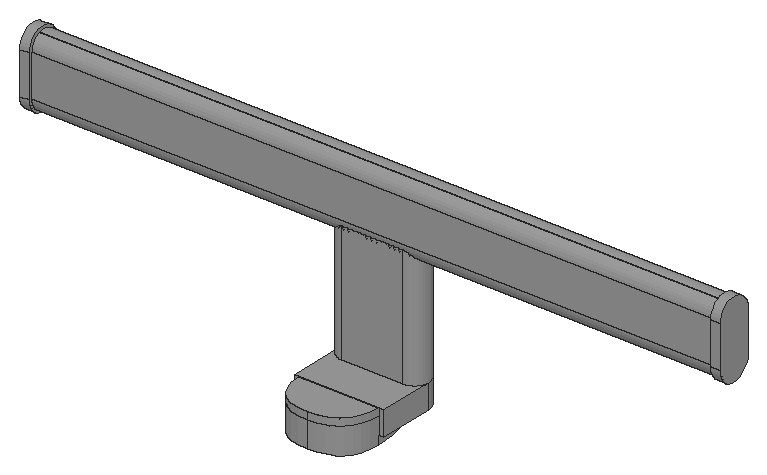
Revit family "0043213 Sylvania Lighting Fixture SYLMIRROR LED SLIM IP44 NW Vertical mount", category Lighting Fixtures, host Face, Revit 2016
Family settings
  Host = Face
  Part Type = Normal
  Round Connector Dimension = Use Diameter
  OmniClass Number = 23.80.70.00
  OmniClass Title = Lighting
  Cut with Voids When Loaded = No
  Light Source = No
  Shared = No
  Room Calculation Point = No
Parameters (values of type "0043213 SYLMIRROR LED SLIM IP44 NW Vertical mount")
  Weight = "1.236 kg"
  Wattage Comments = ""
  WarrantyStartDate [instance] = "n/a"
  WarrantyGuarantorParts = "n/a"
  WarrantyDurationUnit = "n/a"
  WarrantyDurationParts = "n/a"
  WarrantyDescription = "n/a"
  Voltage = 230 V
  URL = "http://www.sylvania-lighting.com"
  TypeName = "SYLMIRROR LED SLIM IP44 NW Vertical mount"
  TypeLamp_SYL = SylMirror LED Slim : 0043213 SylMirror LED Slim
  Type Image = <None>
  Type Comments = "n/a"
  SerialNumber [instance] = "n/a"
  Material_3_FEILO = none
  PowerFactor = 0
  PowerConsumption = "8 W"
  NominalLength = 400 mm
  NominalHeight = 46.8 mm
  NominalDepth = 119.7 mm
  Name = "SYLMIRROR LED SLIM IP44 NW Vertical mount"
  ModelReference = Name  # "SYLMIRROR LED SLIM IP44 NW Vertical mount"
  ModelNumber = "0043213"
  Model = Name  # "SYLMIRROR LED SLIM IP44 NW Vertical mount"
  Material = "aluminum housing, pc diffuser"
  ManufacturerName = "Feilo Sylvania"
  Manufacturer = "Feilo Sylvania"
  LuminousEfficacy = "70 lm/W"
  LuminaireType = ""
  LightOutputRatio = "100"
  LampsType = Lamp  # "LED"
  LampNominalLuminous = "560 lm"
  LampMacAdamStep = "6"
  LampColourTemperature = "4000 K"
  LampColourRenderingIndex = "80"
  Lamp = "LED"
  Keynote = "16500"
  InstallationDate [instance] = "n/a"
  InputVoltage = "220-240V~"
  InputNominalFrequency = "50/60 Hz"
  IngressProtection = "IP44"
  ImpactProtectionIndex = "IK03"
  IfcExportType = "IfcLightFixtureType"
  IfcExportAs = "IfcLightFixtureType"
  ExpectedLife = 50000
  ElectricShockClassification = "Class II"
  DurationUnit = "hours"
  DocumentationLiterature = "http://www.sylvania-lighting.com/product/en-int/products/0043213"
  DimmingControlOptions = "n/a"
  Material_2_FEILO = Base-Sylvania-SylMirror
  Description = ""
  Default Elevation = 1219.2 mm
  CreatedOn = "7/17/2018"
  CreatedBy = "@sylvania-lighting.com"
  Cost = 0
  built-in parameter 1114216 [instance] = (empty or 0)
  ClassificationValue = "EF_70_80"
  ClassificationName = "Uniclass2015"
  Material_1_FEILO = BaseTop-Sylvania-SylMirror
  BarCode [instance] = "n/a"
  AssetType = "Fixed"
  AssetIdentifier [instance] = "n/a"
  Assembly Code = "D5020200"
  Apparent Load = 8 VA
  Material_4_FEILO = none
Reference planes
  plane 1 "Center (Front/Back)": y = 0
  plane 2: z = 0
  plane 3 "Center (Left/Right)": x = 0
  plane 4: z = 5
  plane 5: z = 0
  plane 6: z = 19
  plane 7: y = -10
  plane 8: x = 24
  plane 9: x = -24
  plane 10: y = 30
  plane 11: x = -22.5
  plane 12: x = 22.5
  plane 13: z = 15
  plane 14: y = -15
Forms (mm)
  Extrusion 1, solid, material "Base-Sylvania-SylMirror" <- "Material_2_FEILO"
    sketch origin (0, 0, 0) x (1, 0, 0) y (0, 1, 0)
      loop
        spline (-22.5, -10) -> (-22.344, -13.58) -> (-21.875, -16.849) -> (-21.094, -19.806) -> (-20, -22.452) -> (-18.594, -24.787) -> (-16.875, -26.81) -> (-14.844, -28.522) -> (-12.5, -29.923) -> (-9.844, -31.013) -> (-6.875, -31.791) -> (-3.594, -32.258) -> (0, -32.414)
        spline (0, -32.414) -> (3.594, -32.258) -> (6.875, -31.791) -> (9.844, -31.013) -> (12.5, -29.923) -> (14.844, -28.522) -> (16.875, -26.81) -> (18.594, -24.787) -> (20, -22.452) -> (21.094, -19.806) -> (21.875, -16.849) -> (22.344, -13.58) -> (22.5, -10)
        spline (22.5, -10) -> (22.41, -6.084) -> (22.14, -2.321) -> (21.691, 1.289) -> (21.062, 4.746) -> (20.253, 8.051) -> (19.264, 11.202) -> (18.095, 14.2) -> (16.747, 17.046) -> (15.219, 19.738) -> (13.511, 22.278) -> (11.624, 24.665) -> (9.556, 26.899)
        line (9.556, 26.899) -> (-9.556, 26.899)
        spline (-9.556, 26.899) -> (-11.624, 24.665) -> (-13.511, 22.278) -> (-15.219, 19.738) -> (-16.747, 17.046) -> (-18.095, 14.2) -> (-19.264, 11.202) -> (-20.253, 8.051) -> (-21.062, 4.746) -> (-21.691, 1.289) -> (-22.14, -2.321) -> (-22.41, -6.084) -> (-22.5, -10)
    from 0 to 15
  Extrusion 2, void
    sketch origin (1223.4, -4572, 5) x (-1, 0, 0) y (0, -1, 0)
      loop
        line (1247.4, -4602.37) -> (1247.4, -4562) -> (1199.4, -4562) -> (1199.4, -4602.37) -> (1247.4, -4602.37)
    from 0 to 14
  Extrusion 3, solid, material "BaseTop-Sylvania-SylMirror" <- "Material_1_FEILO"
    sketch origin (1223.4, -4572, 15) x (0, -1, 0) y (-1, 0, 0)
      loop
        spline (-4539.586, 1223.4) -> (-4539.742, 1226.994) -> (-4540.209, 1230.275) -> (-4540.987, 1233.244) -> (-4542.077, 1235.9) -> (-4543.478, 1238.244) -> (-4545.19, 1240.275) -> (-4547.213, 1241.994) -> (-4549.548, 1243.4) -> (-4552.194, 1244.494) -> (-4555.151, 1245.275) -> (-4558.42, 1245.744) -> (-4562, 1245.9)
        line (-4562, 1245.9) -> (-4562, 1200.9)
        spline (-4562, 1200.9) -> (-4558.42, 1201.056) -> (-4555.151, 1201.525) -> (-4552.194, 1202.306) -> (-4549.548, 1203.4) -> (-4547.213, 1204.806) -> (-4545.19, 1206.525) -> (-4543.478, 1208.556) -> (-4542.077, 1210.9) -> (-4540.987, 1213.556) -> (-4540.209, 1216.525) -> (-4539.742, 1219.806) -> (-4539.586, 1223.4)
    from 0 to -4
Cuts and joins
  Extrusion 2 cuts Extrusion 1
Dimensions and locks
  locked: plane 4 to plane 2 at 5
  locked: plane 6 to plane 4 at 14
  locked: plane 7 to plane 1 "Center (Front/Back)" at 10
  locked: plane 7 to plane 10 at 40
  plane 9 to plane 3 "Center (Left/Right)" to plane 8 = 24 mm locked, 24 mm locked
  locked: plane 6 to plane 13 at 4
  locked: plane 14 to plane 7 at 5
  aligned and locked: plane 2 to host face
  aligned and locked: level to host face
  aligned and locked: Extrusion 1 to level
  aligned and locked: plane 9 to Extrusion 2 sketch curve
  aligned and locked: Extrusion 2 sketch curve to plane 7
  aligned and locked: Extrusion 2 sketch curve to plane 8
  aligned and locked: Extrusion 2 to plane 6
  aligned and locked: plane 4 to Extrusion 2
  aligned and locked: Extrusion 1 to plane 13
  aligned and locked: Extrusion 3 sketch curve to cut or joined group of Extrusion 1, Extrusion 2
  aligned and locked: Extrusion 3 to plane 6
  aligned and locked: Extrusion 3 to cut or joined group of Extrusion 1, Extrusion 2
  aligned and locked: plane 3 "Center (Left/Right)" to nested 1
  aligned and locked: nested 1 to plane 4
Nested families
  nested 1: "SylMirror LED Slim" at (0, -15, 12) x (1, 0, 0) z (0, 1, 0), type <- "TypeLamp_SYL", type "0043213 SylMirror LED Slim"
    with built-in parameter 1114216 (empty or 0)
Connectors
  electrical at (0, 0, 0), driven by "Apparent Load", driven by "PowerFactor", driven by "Voltage"
    settings: index 1, voltage 230 V, apparent load 8 VA, apparent load phase1 0 VA, apparent load phase2 0 VA, apparent load phase3 0 VA, power factor 0, load classification "Lighting", number of poles 1, system type 30, power factor state 1, is connector primary yes, connector utility no, sub classification motor no, connector description ""
Definition of nested family "SylMirror LED Slim"
  Parameters (values of type "0043213 SylMirror LED Slim")
    Wattage Comments = ""
    Wattage = 8 W
    built-in parameter 1150110 = 1 (stored number, unit not read)
    URL = "http://www.feilosylvania.com"
    Type Image = (empty or 0)
    Type Comments = "n/a"
    built-in parameter 1114217 = 1 (stored number, unit not read)
    Tilt Angle = -90.00°
    built-in parameter 1150109 = 1 (stored number, unit not read)
    built-in parameter 1150134 = 12
    built-in parameter 1150113 = 1 (stored number, unit not read)
    Photometric Web File = "0043213.IES"
    built-in parameter 1150142 = "﻿IESNA:LM-63-1995\r\n[TEST] 196188\r\n[DATE] 2017/9/27\r\n[MANUFAC] Feilo Sylvania\r\n[LUMCAT] W400C40-7 8W 4000K\r\n[LUMINAIRE] \r\n[LAMPCAT] \r\n[LAMP] \r\nTILT=NONE\r\n1 -1 1.0 37 13 1 2 0.033 0.390 0.010\r\n1 1 7.903\r\n0.0 5.0 10.0 15.0 20.0 25.0 30.0 35.0 40.0 45.0 50.0 55.0 60.0 65.0 70.0 75.0 80.0 85.0 90.0 95.0 100.0 105.0 110.0 115.0 120.0 125.0 130.0 135.0 140.0 145.0 150.0 155.0 160.0 165.0 170.0 175.0 180.0\r\n0.0 15.0 30.0 45.0 60.0 75.0 90.0 105.0 120.0 135.0 150.0 165.0 180.0 \r\n220.750 219.409 215.685 208.535 200.939 189.022 177.404 164.147 148.805 135.995 121.695 106.502 91.756 77.754 58.986 47.218 33.217 22.641 16.236 0.000 10.129 2.681 4.915 4.022 3.128 2.830 1.341 1.490 0.894 0.894 0.000 0.894 0.894 0.149 0.000 0.000 1.787\r\n214.642 212.557 209.131 201.832 196.023 185.447 175.319 163.551 148.805 134.952 119.163 105.459 91.309 76.711 59.284 46.623 33.068 22.045 14.597 0.149 6.405 2.681 4.767 3.575 3.426 1.936 0.894 1.787 0.298 0.745 0.000 0.149 0.149 0.149 0.298 1.043 1.043\r\n217.026 215.685 212.110 205.556 197.960 187.980 175.021 162.806 148.060 135.548 119.163 104.863 89.223 75.222 57.198 41.707 30.536 18.172 11.618 1.043 2.830 2.979 4.171 3.128 1.490 2.085 0.447 0.149 0.149 1.341 0.894 0.000 1.192 0.149 0.000 0.149 0.298\r\n218.664 216.430 212.259 206.897 198.406 187.831 176.212 162.062 149.252 133.909 118.269 102.331 88.032 72.243 56.453 39.622 25.918 15.491 7.895 2.234 2.681 1.638 2.532 1.341 1.192 0.745 0.000 0.298 0.298 0.298 0.000 0.447 1.341 0.000 0.000 0.000 0.298\r\n218.068 216.281 212.259 204.067 197.662 188.278 175.914 162.062 146.422 133.612 118.269 101.438 84.755 69.412 53.474 38.132 22.194 12.214 4.915 0.149 1.341 0.596 0.447 1.490 1.192 0.894 0.894 0.447 0.000 0.745 0.000 0.596 0.000 0.596 0.000 1.043 0.745\r\n215.089 215.089 209.578 204.514 195.576 187.384 174.872 162.806 146.719 129.739 115.737 99.352 82.520 67.774 51.836 35.153 19.811 7.895 1.043 0.000 1.341 1.192 0.000 0.000 0.000 1.341 0.000 0.745 0.745 0.000 0.000 0.447 1.341 0.000 0.000 0.000 0.447\r\n213.600 212.706 210.919 201.683 194.832 185.001 172.191 159.381 144.485 131.377 115.886 100.991 83.414 66.433 50.644 35.153 16.385 4.171 1.192 0.000 0.298 0.000 0.000 0.000 0.000 0.000 0.596 0.000 0.000 0.000 0.596 0.000 0.000 0.000 0.000 0.298 0.596\r\n215.089 215.089 209.578 204.514 195.576 187.384 174.872 162.806 146.719 129.739 115.737 99.352 82.520 67.774 51.836 35.153 19.811 7.895 1.043 0.000 1.341 1.192 0.000 0.000 0.000 1.341 0.000 0.745 0.745 0.000 0.000 0.447 1.341 0.000 0.000 0.000 0.447\r\n218.068 216.281 212.259 204.067 197.662 188.278 175.914 162.062 146.422 133.612 118.269 101.438 84.755 69.412 53.474 38.132 22.194 12.214 4.915 0.149 1.341 0.596 0.447 1.490 1.192 0.894 0.894 0.447 0.000 0.745 0.000 0.596 0.000 0.596 0.000 1.043 0.745\r\n218.664 216.430 212.259 206.897 198.406 187.831 176.212 162.062 149.252 133.909 118.269 102.331 88.032 72.243 56.453 39.622 25.918 15.491 7.895 2.234 2.681 1.638 2.532 1.341 1.192 0.745 0.000 0.298 0.298 0.298 0.000 0.447 1.341 0.000 0.000 0.000 0.298\r\n217.026 215.685 212.110 205.556 197.960 187.980 175.021 162.806 148.060 135.548 119.163 104.863 89.223 75.222 57.198 41.707 30.536 18.172 11.618 1.043 2.830 2.979 4.171 3.128 1.490 2.085 0.447 0.149 0.149 1.341 0.894 0.000 1.192 0.149 0.000 0.149 0.298\r\n214.642 212.557 209.131 201.832 196.023 185.447 175.319 163.551 148.805 134.952 119.163 105.459 91.309 76.711 59.284 46.623 33.068 22.045 14.597 0.149 6.405 2.681 4.767 3.575 3.426 1.936 0.894 1.787 0.298 0.745 0.000 0.149 0.149 0.149 0.298 1.043 1.043\r\n220.750 219.409 215.685 208.535 200.939 189.022 177.404 164.147 148.805 135.995 121.695 106.502 91.756 77.754 58.986 47.218 33.217 22.641 16.236 0.000 10.129 2.681 4.915 4.022 3.128 2.830 1.341 1.490 0.894 0.894 0.000 0.894 0.894 0.149 0.000 0.000 1.787\r\n"
    Material_3_SYL = none
    Model = ""
    Manufacturer = "Feilo Sylvania"
    built-in parameter 1150105 = 44.563 (stored number, unit not read)
    Lumens = 560 lm
    built-in parameter 1150115 = 1 (stored number, unit not read)
    built-in parameter 1150137 = (empty or 0)
    built-in parameter 1150139 = (empty or 0)
    built-in parameter 1150112 = 1 (stored number, unit not read)
    built-in parameter 1150114 = 1 (stored number, unit not read)
    Lamp = ""
    Keynote = "16500"
    built-in parameter 1150132 = (empty or 0)
    built-in parameter 1150102 = (empty or 0)
    built-in parameter 1150107 = 4000 (stored number, unit not read)
    built-in parameter 1150138 = (empty or 0)
    built-in parameter 1150106 = 0.44563 (stored number, unit not read)
    Emit from Rectangle Width = 41 mm
    Emit from Rectangle Length = 388 mm
    Emit Shape Visible in Rendering = no
    built-in parameter 1150104 = 6.5032 (stored number, unit not read)
    Material_2_SYL = none
    Dimming Lamp Color Temperature Shift = (empty or 0)
    Description = ""
    Default Elevation = 1219.2 mm
    Cost = 0
    Color Filter = 16777215
    built-in parameter 1114216 [instance] = (empty or 0)
    ClassificationValue_old = "EF_70_80"
    ClassificationName_old = "Uniclass2015"
    Material_1_SYL = none
    built-in parameter 1114218 = 1 (stored number, unit not read)
    built-in parameter 1150133 = 10 (stored number, unit not read)
    Assembly Code = "D5020200"
    Apparent Load = 0 VA
    Material_4_SYL = none
  Types (2, lengths in mm): name | built-in parameter 1150134 | Photometric Web File | built-in parameter 1150107 | Emit from Rectangle Width | Emit from Rectangle Length
    0043213 SylMirror LED Slim | 12 | "0043213.IES" | 4000 (stored number, unit not read) | 41 | 388
    0043241 SylMirror LED Slim | (empty or 0) | "0043241.IES" | 3000 (stored number, unit not read) | 40 | 389
  Reference planes
    plane 1 "Center (Front/Back)": y = 0
    plane 2: z = 0
    plane 3 "Center (Left/Right)": x = 0
    plane 4: x = 200
    plane 5: x = -200
    plane 6: y = 7.5
    plane 7: y = -7.5
    plane 8: x = 42.5
    plane 9: x = -42.5
    plane 10: z = 45
    plane 11: z = 5
    plane 12: x = -25.5
    plane 13: x = 25.5
    plane 14: y = 7
    plane 15: y = -7
    plane 16: y = -112.2
    plane 17: z = 29
    plane 18: z = 46.8
    plane 19: z = 27.2
    plane 20: x = -35
    plane 21: x = 35
    plane 22: x = -17.5
    plane 23: x = 17.5
    plane 24: y = -68.6
    plane 25: x = 194.5
    plane 26: x = -194.5
    plane 27: z = 37
    plane 28: y = -90.4
    plane 29: z = 45.5
    plane 30: z = 28.5
    plane 31: y = -110.9
    plane 32: y = -69.9
    plane 33: y = -102.4
    plane 34: y = -78.4
    plane 35: z = 34
  Forms (mm)
    Extrusion 1, solid
      sketch origin (4.2, 0, 0) x (1, 0, 0) y (0, 1, 0)
        loop
          line (-1219.2, 1219.2) -> (-1219.2, -1219.2) -> (1219.2, -1219.2) -> (1219.2, 1219.2) -> (-1219.2, 1219.2)
      from 0 to -68.017
    Extrusion 2, solid, material <- "Material_1_SYL"
      sketch origin (0, 0, 0) x (1, 0, 0) y (0, 0, 1)
        loop
          line (-25.5, 5) -> (25.5, 5) -> (25.5, 37)
          arc (25.5, 37) -> (23.157, 42.657) -> (17.5, 45) r 8
          line (17.5, 45) -> (-17.5, 45)
          arc (-17.5, 45) -> (-23.157, 42.657) -> (-25.5, 37) r 8
          line (-25.5, 37) -> (-25.5, 5)
      from -7 to 7
    Extrusion 3, solid, material <- "Material_1_SYL"
      sketch origin (1524, -7, 1219.2) x (1, 0, 0) y (0, 0, 1)
        loop
          arc (-1541.5, -1174.2) -> (-1549.5, -1182.2) -> (-1541.5, -1190.2) r 8
          line (-1541.5, -1190.2) -> (-1506.5, -1190.2)
          arc (-1506.5, -1190.2) -> (-1498.5, -1182.2) -> (-1506.5, -1174.2) r 8
          line (-1506.5, -1174.2) -> (-1541.5, -1174.2)
      from 0 to 83.4
    Extrusion 4, solid, material <- "Material_1_SYL"
      sketch origin (0, 0, 0) x (0, 1, 0) y (0, 0, 1)
        loop
          arc (-102.4, 45.5) -> (-109.391, 41.835) -> (-110.353, 34) r 8.5
          line (-110.353, 34) -> (-70.447, 34)
          arc (-70.447, 34) -> (-71.409, 41.835) -> (-78.4, 45.5) r 8.5
          line (-78.4, 45.5) -> (-102.4, 45.5)
      from -194.5 to 194.5
    Extrusion 5, solid, material <- "Material_1_SYL"
      sketch origin (-200, 1524, 1219.2) x (0, 1, 0) y (0, 0, 1)
        loop
          line (-1626.4, -1192) -> (-1602.4, -1192)
          arc (-1602.4, -1192) -> (-1592.6, -1182.2) -> (-1602.4, -1172.4) r 9.8
          line (-1602.4, -1172.4) -> (-1626.4, -1172.4)
          arc (-1626.4, -1172.4) -> (-1636.2, -1182.2) -> (-1626.4, -1192) r 9.8
      from 0 to 5.5
    Extrusion 6, solid, material <- "Material_1_SYL"
      sketch origin (200, 1524, 1219.2) x (0, 1, 0) y (0, 0, 1)
        loop
          line (-1602.4, -1172.4) -> (-1626.4, -1172.4)
          arc (-1626.4, -1172.4) -> (-1636.2, -1182.2) -> (-1626.4, -1192) r 9.8
          line (-1626.4, -1192) -> (-1602.4, -1192)
          arc (-1602.4, -1192) -> (-1592.6, -1182.2) -> (-1602.4, -1172.4) r 9.8
      from 0 to -5.5
    Extrusion 7, solid, material <- "Material_2_SYL"
      sketch origin (0, 0, 0) x (0, 1, 0) y (0, 0, 1)
        loop
          line (-102.4, 28.5) -> (-78.4, 28.5)
          arc (-78.4, 28.5) -> (-73.565, 30.009) -> (-70.447, 34) r 8.5
          line (-70.447, 34) -> (-110.353, 34)
          arc (-110.353, 34) -> (-107.235, 30.009) -> (-102.4, 28.5) r 8.5
      from -194.5 to 194.5
  Cuts and joins
    joined: Extrusion 2, Extrusion 3, Extrusion 4
  Dimensions and locks
    locked: plane 10 to plane 2 at 45
    locked: plane 16 to plane 6 at 119.7
    locked: plane 11 to plane 2 at 5
    plane 15 to plane 1 "Center (Front/Back)" to plane 14 = 7 mm locked, 7 mm locked
    plane 7 to plane 1 "Center (Front/Back)" to plane 6 = 7.5 mm locked, 7.5 mm locked
    plane 5 to plane 3 "Center (Left/Right)" to plane 4 = 200 mm locked, 200 mm locked
    plane 12 to plane 3 "Center (Left/Right)" to plane 13 = 25.5 mm locked, 25.5 mm locked
    plane 9 to plane 3 "Center (Left/Right)" to plane 8 = 42.5 mm locked, 42.5 mm locked
    locked: plane 9 to plane 20 at 7.5
    locked: plane 21 to plane 8 at 7.5
    locked: plane 22 to plane 12 at 8
    locked: plane 13 to plane 23 at 8
    locked: plane 16 to plane 24 at 43.6
    locked: plane 5 to plane 26 at 5.5
    locked: plane 25 to plane 4 at 5.5
    locked: plane 27 to plane 10 at 8
    equal spacing: plane 17, plane 27, plane 10
    equal spacing: plane 19, plane 27, plane 18
    plane 19 to plane 18 = 19.6 mm
    locked: plane 16 to plane 28 at 21.8
    equal spacing: plane 30, plane 27, plane 29
    locked: plane 30 to plane 29 at 17
    equal spacing: plane 31, plane 28, plane 32
    locked: plane 16 to plane 31 at 1.3
    locked: plane 31 to plane 33 at 8.5
    locked: plane 34 to plane 32 at 8.5
    locked: plane 35 to plane 27 at 3
    aligned and locked: plane 2 to Extrusion 1
    aligned and locked: level to Extrusion 1
    aligned and locked: plane 12 to Extrusion 2 sketch curve
    aligned and locked: Extrusion 2 sketch curve to plane 13
    aligned and locked: plane 10 to Extrusion 2 sketch curve  (x2)
    aligned and locked: plane 11 to Extrusion 2 sketch curve
    aligned and locked: plane 15 to Extrusion 2
    aligned and locked: Extrusion 2 to plane 14
    aligned and locked: Extrusion 2 to Extrusion 3 sketch curve
    aligned and locked: plane 17 to Extrusion 3 sketch curve  (x2)
    aligned and locked: Extrusion 3 sketch curve to Extrusion 2
    aligned and locked: Extrusion 3 to plane 15
    aligned and locked: plane 28 to Extrusion 3
    aligned and locked: plane 33 to Extrusion 4 sketch curve
    aligned and locked: plane 34 to Extrusion 4 sketch curve
    aligned and locked: plane 27 to Extrusion 4 sketch curve  (x2)
    aligned and locked: plane 25 to Extrusion 4
    aligned and locked: Extrusion 4 to plane 26
    aligned and locked: plane 33 to Extrusion 5 sketch curve  (x2)
    aligned and locked: plane 34 to Extrusion 5 sketch curve  (x2)
    aligned and locked: plane 27 to Extrusion 5 sketch curve  (x2)
    aligned and locked: plane 18 to Extrusion 5 sketch curve
    aligned and locked: Extrusion 5 sketch curve to plane 19
    aligned and locked: plane 26 to Extrusion 5
    aligned and locked: Extrusion 5 to plane 5
    aligned and locked: Extrusion 6 sketch curve to Extrusion 5  (x2)
    aligned and locked: Extrusion 6 to plane 25
    aligned and locked: plane 4 to Extrusion 6
    aligned and locked: Extrusion 4 sketch curve to plane 35
    aligned and locked: plane 30 to Extrusion 7 sketch curve
    aligned and locked: cut or joined group of Extrusion 2, Extrusion 3, Extrusion 4 to Extrusion 7 sketch curve
    aligned and locked: Extrusion 7 sketch curve to cut or joined group of Extrusion 2, Extrusion 3, Extrusion 4
    aligned and locked: plane 33 to Extrusion 7 sketch curve
    aligned and locked: plane 27 to Extrusion 7 sketch curve  (x2)
    aligned and locked: plane 34 to Extrusion 7 sketch curve
    aligned and locked: plane 25 to Extrusion 7
    aligned and locked: Extrusion 7 to plane 26
    aligned and locked: plane 3 "Center (Left/Right)" to imposter light
    aligned and locked: plane 30 to imposter light
    aligned and locked: plane 28 to imposter light
  Automatic sketch dimensions
    Extrusion 1 sketch curve to Extrusion 1 sketch curve = 2438.4 mm  (x2)
    Extrusion 2 sketch curve to plane 22 = 0 mm
    Extrusion 2 sketch curve to plane 23 = 0 mm
    Extrusion 3 sketch curve to plane 22 = 0 mm
    Extrusion 3 sketch curve to plane 23 = 0 mm
    plane 29 to Extrusion 4 sketch curve = 0 mm
